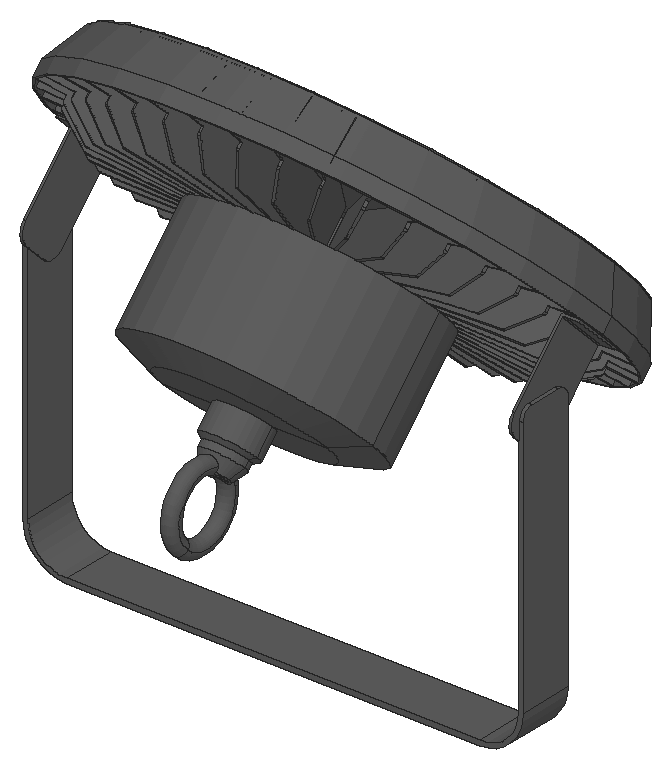
Revit family "0039364+0039355 Sylvania Lighting Fixture START HighBay IP65 DALI 26000lm 840 MB with BRACKET", category Lighting Fixtures, host Face, Revit 2017
Family settings
  Host = Face
  Round Connector Dimension = Use Diameter
  Part Type = Normal
  OmniClass Number = 23.80.70.00
  OmniClass Title = Lighting
  Cut with Voids When Loaded = No
  Light Source = No
  Shared = No
  Room Calculation Point = No
Parameters (values of type "0039364+0039355  START HighBay IP65 DALI 26000lm 840 MB with BRACKET")
  Weight = "3.7 kg"
  Wattage Comments = ""
  WarrantyStartDate [instance] = "n/a"
  WarrantyGuarantorParts = "n/a"
  WarrantyDurationUnit = "n/a"
  WarrantyDurationParts = "n/a"
  WarrantyDescription = "n/a"
  Voltage = 0 V
  URL = "http://www.sylvania-lighting.com"
  TypeName = "START HighBay IP65 DALI 26000lm 840 MB with BRACKET"
  TypeHead_FEILO = Start LED Highbay DALI Head : 0039364+0039355 START HighBay IP65 DALI 26000lm 840 MB with BRACKET
  Type Image = <None>
  Type Comments = "n/a"
  TiltAngle_FEILO [instance] = 45.00°
  ThicknessBracketPlate_FEILO = 3 mm
  SizeBracketS_FEILO = no
  SizeBracketM_FEILO = no
  SerialNumber [instance] = "n/a"
  RadiusBracketTop_FEILO = 7 mm
  RadiusBendOut_FEILO = if(SizeBracketS_FEILO, 18 mm, if(SizeBracketM_FEILO, 24 mm, 28 mm))  # 28 mm
  RadiusBendIn_FEILO = RadiusBendOut_FEILO - ThicknessBracketPlate_FEILO  # 25 mm
  Material_3_FEILO = none
  PowerFactor = 0.95
  PowerConsumption = "190 W"
  NominalLength = 339 mm
  NominalHeight = 189 mm
  NominalDepth = 339 mm
  Name = "START HighBay IP65 DALI 26000lm 840 MB with BRACKET"
  ModelReference = Name  # "START HighBay IP65 DALI 26000lm 840 MB with BRACKET"
  ModelNumber = "0039364+0039355"
  Model = Name  # "START HighBay IP65 DALI 26000lm 840 MB with BRACKET"
  Material = "aluminium alloy housing, polycarbonate diffuser"
  ManufacturerName = "Feilo Sylvania"
  Manufacturer = "Feilo Sylvania"
  LuminousEfficacy = "130 lm/W"
  LuminaireType = ""
  LightOutputRatio = "n/a"
  LampsType = Lamp  # "LED"
  LampNominalLuminous = "24700 lm"
  LampMacAdamStep = "6"
  LampColourTemperature = "4000 K"
  LampColourRenderingIndex = "80"
  Lamp = "LED"
  Keynote = "16500"
  InstallationDate [instance] = "n/a"
  InputVoltage = "n/a"
  InputNominalFrequency = "50/60 Hz"
  IngressProtection = "IP65"
  ImpactProtectionIndex = "IK08"
  IfcExportType = "IfcLightFixtureType"
  IfcExportAs = "IfcLightFixtureType"
  ExpectedLife = 50000
  EndAngle_FEILO [instance] = TiltAngle_FEILO + 180.00°  # 225.00°
  ElectricShockClassification = "Class I"
  DurationUnit = "hours"
  DocumentationLiterature = "http://www.sylvania-lighting.com/product/en-int/products/0039364"
  DimmingControlOptions = "Dimmable"
  Material_2_FEILO = none
  Description = "START Highbay, includes 1 m cables, black aluminium housing, 24,700 Lm, 190 W, 130 Lm/W, 4000 K, drive current: 4100 mA, CRI 80, 60° beam angle, DALI dimmable, IP65, IK08, 50,000 hrs (L80/B50), (D x H) 339 x 189 mm."
  Default Elevation = 1219.2 mm
  CreatedOn = "5/15/2018"
  CreatedBy = ""
  Cost = 0
  built-in parameter 1114216 [instance] = (empty or 0)
  ClassificationValue = "EF_70_80"
  ClassificationName = "Uniclass2015"
  Material_1_FEILO = Body-Sylvania-StartHighbay-Black
  BracketHeight_FEILO = if(SizeBracketS_FEILO, 199.5 mm, if(SizeBracketM_FEILO, 209.6 mm, 201.3 mm))  # 201.3 mm
  BracketDistanceInner_FEILO = if(SizeBracketS_FEILO, 249.4 mm, if(SizeBracketM_FEILO, 273.6 mm, 313.2 mm))  # 313.2 mm
  BarCode [instance] = "n/a"
  AssetType = "Fixed"
  AssetIdentifier [instance] = "n/a"
  Assembly Code = "D5020200"
  Apparent Load = 190 VA
  Material_4_FEILO = none
Reference planes
  plane 1 "Center (Front/Back)": y = 0
  plane 2: z = 0
  plane 3 "Center (Left/Right)": x = 0
  plane 4: x = -159.6
  plane 5: x = 159.6
  plane 6: z = 201.3
  plane 7: x = -156.6
  plane 8: z = 3
  plane 9: x = 156.6
  plane 10: y = 17.5
  plane 11: y = -17.5
  plane 12: y = -19.5
  plane 13: z = 203.3
  plane 14: y = 19.5
  plane 15: z = 192.3
Forms (mm)
  Extrusion 1, solid, material "Body-Sylvania-StartHighbay-Black" <- "Material_1_FEILO"
    sketch origin (0, 0, 0) x (1, 0, 0) y (0, 0, 1)
      loop
        line (-159.6, 201.3) -> (-159.6, 28)
        arc (-159.6, 28) -> (-151.399, 8.201) -> (-131.6, 0) r 28
        line (-131.6, 0) -> (131.6, 0)
        arc (131.6, 0) -> (151.399, 8.201) -> (159.6, 28) r 28
        line (159.6, 28) -> (159.6, 201.3) -> (156.6, 201.3) -> (156.6, 28)
        arc (156.6, 28) -> (149.278, 10.322) -> (131.6, 3) r 25
        line (131.6, 3) -> (-131.6, 3)
        arc (-131.6, 3) -> (-149.278, 10.322) -> (-156.6, 28) r 25
        line (-156.6, 28) -> (-156.6, 201.3) -> (-159.6, 201.3)
    from -17.5 to 17.5
  Extrusion 2, void
    sketch origin (0, 0, 0) x (0, 1, 0) y (0, 0, 1)
      loop
        arc (10.5, 201.3) -> (15.45, 199.25) -> (17.5, 194.3) r 7
        line (17.5, 194.3) -> (19.5, 194.3) -> (19.5, 203.3) -> (-19.5, 203.3) -> (-19.5, 194.3) -> (-17.5, 194.3)
        arc (-17.5, 194.3) -> (-15.45, 199.25) -> (-10.5, 201.3) r 7
        line (-10.5, 201.3) -> (10.5, 201.3)
    from -159.6 to 159.6
  Revolve 3, solid, not visible
    sketch origin (1223.4, -4572, 192.3) x (0, -1, 0) y (1, 0, 0)
      loop
        line (-4572, -1223.4) -> (-4591.5, -1223.4) -> (-4591.5, -1277.783) -> (-4572, -1277.783) -> (-4572, -1223.4)
      axis (-4572, -1223.4) -> (-4572, -1277.783)
    angle from 45 <- "TiltAngle_FEILO" to 225 <- "EndAngle_FEILO"
Cuts and joins
  Extrusion 2 cuts Extrusion 1
Dimensions and locks
  "BracketHeight_FEILO": plane 6 to plane 2
  equal spacing: plane 11, plane 1 "Center (Front/Back)", plane 10
  locked: plane 11 to plane 10 at 35
  equal spacing: plane 9, plane 3 "Center (Left/Right)", plane 7
  "BracketDistanceInner_FEILO": plane 9 to plane 7
  "ThicknessBracketPlate_FEILO": plane 7 to plane 4
  "ThicknessBracketPlate_FEILO": plane 8 to plane 2
  equal spacing: plane 5, plane 3 "Center (Left/Right)", plane 4
  equal spacing: plane 12, plane 1 "Center (Front/Back)", plane 14
  locked: plane 6 to plane 13 at 2
  locked: plane 12 to plane 11 at 2
  locked: plane 6 to plane 15 at 9
  "RadiusBendOut_FEILO": radius of Extrusion 1 sketch curve  (x2)
  "RadiusBendIn_FEILO": radius of Extrusion 1 sketch curve  (x2)
  "RadiusBracketTop_FEILO": radius of Extrusion 2 sketch curve  (x2)
  aligned and locked: plane 2 to host face
  aligned and locked: level to host face
  aligned and locked: Extrusion 1 sketch curve to plane 4
  aligned and locked: Extrusion 1 sketch curve to level
  aligned and locked: plane 6 to Extrusion 1 sketch curve
  aligned and locked: Extrusion 1 sketch curve to plane 6
  aligned and locked: Extrusion 1 sketch curve to plane 7
  aligned and locked: plane 9 to Extrusion 1 sketch curve
  aligned and locked: plane 8 to Extrusion 1 sketch curve
  aligned and locked: Extrusion 1 to plane 10
  aligned and locked: plane 11 to Extrusion 1
  aligned and locked: Extrusion 1 to Extrusion 2 sketch curve
  aligned and locked: plane 14 to Extrusion 2 sketch curve  (x2)
  aligned and locked: Extrusion 2 sketch curve to plane 12
  aligned and locked: plane 13 to Extrusion 2 sketch curve
  aligned and locked: plane 5 to Extrusion 2
  aligned and locked: Extrusion 2 to plane 4
  aligned and locked: Revolve 3 sketch curve to plane 1 "Center (Front/Back)"
  aligned and locked: Revolve 3 sketch curve to Revolve 3 sketch curve
  aligned and locked: plane 3 "Center (Left/Right)" to Revolve 3 sketch curve
  aligned and locked: Revolve 3 sketch curve to plane 14
  aligned and locked: nested 1 to plane 3 "Center (Left/Right)"
Automatic sketch dimensions
  host sketch curve to host sketch curve = 2438.4 mm  (x2)
  Revolve 3 sketch curve to Revolve 3 sketch curve = 54.383 mm
  Revolve 3 sketch curve to plane 4 = 1396.3 mm
  plane 5 to Revolve 3 sketch curve = 1396.3 mm
  Extrusion 1 sketch curve to Extrusion 1 sketch curve = 0 mm
  Extrusion 2 sketch curve to plane 11 = 0 mm
  Extrusion 2 sketch curve to plane 10 = 0 mm
Nested families
  nested 1: "Start LED Highbay DALI Head" at (0, 0, 192.3) x (-1, 0, 0) z (0, 0.7071, 0.7071), type <- "TypeHead_FEILO", type "0039364+0039355 START HighBay IP65 DALI 26000lm 840 MB with BRACKET"
    with built-in parameter 1114216 (empty or 0)
Connectors
  electrical at (0, 0, 0), driven by "Apparent Load", driven by "PowerFactor", driven by "Voltage"
    settings: index 1, voltage 0 V, apparent load 190 VA, apparent load phase1 0 VA, apparent load phase2 0 VA, apparent load phase3 0 VA, power factor 0.95, load classification "Lighting", number of poles 1, system type 30, power factor state 1, is connector primary yes, connector utility no, sub classification motor no, connector description ""
Definition of nested family "Start LED Highbay DALI Head"
  Parameters (values of type "0039367+0039355+0039361 START HighBay IP65 DALI 26000lm 840 WB with BRACKET and PC LAMPSHADE TRANSPARENT FOR 26KLM")
    X_FEILO = if(SizeS_FEILO, 60.3 mm, if(SizeM_FEILO, 70.4 mm, 83.5 mm))  # 83.5 mm
    WidthStraight_FEILO = if(SizeS_FEILO, 3 mm, if(SizeM_FEILO, 4 mm, 4.7 mm))  # 4.7 mm
    WidthRingChamfer_FEILO = if(SizeS_FEILO, 10.3 mm, if(SizeM_FEILO, 11.2 mm, 12.9 mm))  # 12.9 mm
    WidthCurved_FEILO = if(SizeS_FEILO, 17.4 mm, if(SizeM_FEILO, 16.4 mm, 26.2 mm))  # 26.2 mm
    WidthCurvedRing_FEILO = if(SizeS_FEILO, 3 mm, if(SizeM_FEILO, 4 mm, 4.7 mm))  # 4.7 mm
    WidthBracket_FEILO = 40 mm
    Wattage Comments = ""
    Wattage = 190 W
    built-in parameter 1150110 = 1 (stored number, unit not read)
    URL = "http://www.sylvania-lighting.com"
    Type Image = (empty or 0)
    Type Comments = "n/a"
    built-in parameter 1114217 = 1 (stored number, unit not read)
    Tilt Angle = -90.00°
    ThicknessWall_FEILO = 1.5 mm
    ThicknessBracket_FEILO = 1.5 mm
    ThicknessBracketHalf_FEILO = ThicknessBracket_FEILO / 2  # 0.75 mm
    built-in parameter 1150109 = 1 (stored number, unit not read)
    built-in parameter 1150134 = 1
    built-in parameter 1150113 = 1 (stored number, unit not read)
    SizeS_FEILO = no
    SizeM_FEILO = no
    ShadeThickness_FEILO = 3 mm
    ShadeSizeSM_FEILO = or(SizeS_FEILO, SizeM_FEILO)  # no
    ShadeRadiusOut_FEILO = 205 mm
    ShadeRadiusIn_FEILO = if(ShadeSizeSM_FEILO, 95 mm, 121 mm)  # 121 mm
    ShadeRadiusBend_FEILO = if(ShadeSizeSM_FEILO, 210 mm, 210 mm)  # 210 mm
    ShadeOn_FEILO = yes
    ShadeHeight_FEILO = if(ShadeSizeSM_FEILO, 120 mm, 151 mm)  # 151 mm
    Rib4_FEILO = if(SizeS_FEILO, 18.1 mm, if(SizeM_FEILO, 13.6 mm, 14.6 mm))  # 14.6 mm
    Rib3_FEILO = if(SizeS_FEILO, 15.3 mm, if(SizeM_FEILO, 17.6 mm, 20.2 mm))  # 20.2 mm
    Rib2_FEILO = if(SizeS_FEILO, 3.6 mm, if(SizeM_FEILO, 3.9 mm, 4.5 mm))  # 4.5 mm
    Rib1_FEILO = if(SizeS_FEILO, 15.1 mm, if(SizeM_FEILO, 16.5 mm, 19 mm))  # 19 mm
    RadiusDiffuser_FEILO = if(SizeS_FEILO, 95.2 mm, if(SizeM_FEILO, 105.3 mm, 120 mm))  # 120 mm
    RadiusArrayPost_FEILO = DriverRadius_FEILO - 6 mm  # 70.4 mm
    RHRadius3_FEILO = if(SizeS_FEILO, 6.6 mm, if(SizeM_FEILO, 7.4 mm, 8.6 mm))  # 8.6 mm
    RHRadius2_FEILO = if(SizeS_FEILO, 11 mm, if(SizeM_FEILO, 12 mm, 14 mm))  # 14 mm
    RHRadius1_FEILO = if(SizeS_FEILO, 13.6 mm, if(SizeM_FEILO, 14.9 mm, 17.7 mm))  # 17.7 mm
    RHHeight4_FEILO = if(SizeS_FEILO, 7.3 mm, if(SizeM_FEILO, 8 mm, 9.2 mm))  # 9.2 mm
    RHHeight3_FEILO = if(SizeS_FEILO, 3.6 mm, if(SizeM_FEILO, 3.7 mm, 4.6 mm))  # 4.6 mm
    RHHeight2_FEILO = if(SizeS_FEILO, 2 mm, if(SizeM_FEILO, 2.2 mm, 2.6 mm))  # 2.6 mm
    RHHeight1_FEILO = if(SizeS_FEILO, 11.8 mm, if(SizeM_FEILO, 15.3 mm, 17.4 mm))  # 17.4 mm
    Photometric Web File = "0039367+0039361.ies"
    Material_5_FEILO = none
    Material_3_FEILO = none
    Model = "START HighBay IP65 DALI 26000lm 840 WB with BRACKET and PC LAMPSHADE TRANSPARENT FOR 26KLM"
    Manufacturer = "Feilo Sylvania"
    built-in parameter 1150105 = 33385.3 (stored number, unit not read)
    Lumens = 24700 lm
    built-in parameter 1150115 = 1 (stored number, unit not read)
    built-in parameter 1150137 = (empty or 0)
    built-in parameter 1150139 = (empty or 0)
    built-in parameter 1150112 = 1 (stored number, unit not read)
    built-in parameter 1150114 = 1 (stored number, unit not read)
    Lamp = "LED"
    Keynote = "16500"
    built-in parameter 1150132 = (empty or 0)
    built-in parameter 1150102 = (empty or 0)
    built-in parameter 1150107 = 6500 (stored number, unit not read)
    built-in parameter 1150138 = (empty or 0)
    built-in parameter 1150106 = 333.85 (stored number, unit not read)
    HeightRing_FEILO = if(SizeS_FEILO, 19.8 mm, if(SizeM_FEILO, 32 mm, 36.8 mm))  # 36.8 mm
    HeightRingChamfer_FEILO = if(SizeS_FEILO, 11.7 mm, if(SizeM_FEILO, 23.2 mm, 26.6 mm))  # 26.6 mm
    EyeThickness_FEILO = if(SizeS_FEILO, 8.4 mm, if(SizeM_FEILO, 9.2 mm, 10.5 mm))  # 10.5 mm
    EyeThicknessHalf_FEILO = EyeThickness_FEILO / 2  # 5.25 mm
    EyeInner_FEILO = if(SizeS_FEILO, 13.8 mm, if(SizeM_FEILO, 15.1 mm, 17.3 mm))  # 17.3 mm
    Emit from Circle Diameter = RadiusDiffuser_FEILO * 2  # 240 mm
    Emit Shape Visible in Rendering = no
    built-in parameter 1150104 = 12.077 (stored number, unit not read)
    DriverVerticalStraight_FEILO = if(SizeS_FEILO, 46.5 mm, if(SizeM_FEILO, 49.7 mm, 57 mm))  # 57 mm
    DriverVerticalChamfer_FEILO = if(SizeS_FEILO, 7.5 mm, if(SizeM_FEILO, 8.2 mm, 9.5 mm))  # 9.5 mm
    DriverRadius_FEILO = if(SizeS_FEILO, 61.4 mm, if(SizeM_FEILO, 67.2 mm, 76.4 mm))  # 76.4 mm
    DriverRadiusTop_FEILO = if(SizeS_FEILO, 42 mm, if(SizeM_FEILO, 45.3 mm, 52.4 mm))  # 52.4 mm
    DriverBottom_FEILO = if(SizeS_FEILO, 56 mm, if(SizeM_FEILO, 64.5 mm, 74 mm))  # 74 mm
    Material_2_FEILO = none
    Radius_FEILO = if(SizeS_FEILO, 135 mm, if(SizeM_FEILO, 148 mm, 169.5 mm))  # 169.5 mm
    Dimming Lamp Color Temperature Shift = (empty or 0)
    DiameterWire_FEILO = 3 mm
    DiameterWireSupport_FEILO = 10 mm
    Description = "START Highbay, includes 1 m cables, black aluminium housing, 24,700 Lm, 190 W, 130 Lm/W, 6500 K, drive current: 4100 mA, CRI 80, 90° beam angle, DALI dimmable, IP65, IK08, 50,000 hrs (L80/B50), (D x H) 339 x 189 mm."
    Default Elevation = 1219.2 mm
    Cost = 0
    Color Filter = 16777215
    built-in parameter 1114216 [instance] = (empty or 0)
    Material_1_FEILO = none
    built-in parameter 1114218 = 1 (stored number, unit not read)
    built-in parameter 1150133 = 10 (stored number, unit not read)
    Assembly Code = "D5020200"
    Apparent Load = 190 VA
    Material_4_FEILO = none
  Types (24, lengths in mm): name | X_FEILO | WidthStraight_FEILO | WidthRingChamfer_FEILO | WidthCurved_FEILO | WidthCurvedRing_FEILO | Wattage | built-in parameter 1150134 | SizeS_FEILO | SizeM_FEILO | ShadeSizeSM_FEILO | ShadeRadiusIn_FEILO | ShadeOn_FEILO | ShadeHeight_FEILO | Rib4_FEILO | Rib3_FEILO | Rib2_FEILO | Rib1_FEILO | RadiusDiffuser_FEILO | RadiusArrayPost_FEILO | RHRadius3_FEILO | RHRadius2_FEILO | RHRadius1_FEILO | RHHeight4_FEILO | RHHeight3_FEILO | RHHeight2_FEILO | RHHeight1_FEILO | Photometric Web File | Model | built-in parameter 1150105 | Lumens | built-in parameter 1150107 | built-in parameter 1150106 | HeightRing_FEILO | HeightRingChamfer_FEILO | EyeThickness_FEILO | EyeThicknessHalf_FEILO | EyeInner_FEILO | Emit from Circle Diameter | DriverVerticalStraight_FEILO | DriverVerticalChamfer_FEILO | DriverRadius_FEILO | DriverRadiusTop_FEILO | DriverBottom_FEILO | Radius_FEILO | Description | Apparent Load
    0039367+0039355+0039361 START HighBay IP65 DALI 26000lm 840 WB with BRACKET and PC LAMPSHADE TRANSPARENT FOR 26KLM | 83.5 | 4.7 | 12.9 | 26.2 | 4.7 | 190 W | 1 | no | no | no | 121 | yes | 151 | 14.6 | 20.2 | 4.5 | 19 | 120 | 70.4 | 8.6 | 14 | 17.7 | 9.2 | 4.6 | 2.6 | 17.4 | "0039367+0039361.ies" | "START HighBay IP65 DALI 26000lm 840 WB with BRACKET and PC LAMPSHADE TRANSPARENT FOR 26KLM" | 33385.3 (stored number, unit not read) | 24700 lm | 6500 (stored number, unit not read) | 333.85 (stored number, unit not read) | 36.8 | 26.6 | 10.5 | 5.25 | 17.3 | 240 | 57 | 9.5 | 76.4 | 52.4 | 74 | 169.5 | "START Highbay, includes 1 m cables, black aluminium housing, 24,700 Lm, 190 W, 130 Lm/W, 6500 K, drive current: 4100 mA, CRI 80, 90° beam angle, DALI dimmable, IP65, IK08, 50,000 hrs (L80/B50), (D x H) 339 x 189 mm." | 190 VA
    0039367+0039355+0039360 START HighBay IP65 DALI 26000lm 840 WB with BRACKET and ALU SHADE BLACK COLOR FOR 26KLM | 83.5 | 4.7 | 12.9 | 26.2 | 4.7 | 190 W | 1 | no | no | no | 121 | yes | 151 | 14.6 | 20.2 | 4.5 | 19 | 120 | 70.4 | 8.6 | 14 | 17.7 | 9.2 | 4.6 | 2.6 | 17.4 | "0039367+0039360.ies" | "START HighBay IP65 DALI 26000lm 840 WB with BRACKET and ALU SHADE BLACK COLOR FOR 26KLM" | 33569.2 (stored number, unit not read) | 24700 lm | 6500 (stored number, unit not read) | 335.69 (stored number, unit not read) | 36.8 | 26.6 | 10.5 | 5.25 | 17.3 | 240 | 57 | 9.5 | 76.4 | 52.4 | 74 | 169.5 | "START Highbay, includes 1 m cables, black aluminium housing, 24,700 Lm, 190 W, 130 Lm/W, 6500 K, drive current: 4100 mA, CRI 80, 90° beam angle, DALI dimmable, IP65, IK08, 50,000 hrs (L80/B50), (D x H) 339 x 189 mm." | 190 VA
    0039367+0039355+0039359 START HighBay IP65 DALI 26000lm 840 WB with BRACKET and ALU SHADE ALU COLOR FOR 26KLM | 83.5 | 4.7 | 12.9 | 26.2 | 4.7 | 190 W | 1 | no | no | no | 121 | yes | 151 | 14.6 | 20.2 | 4.5 | 19 | 120 | 70.4 | 8.6 | 14 | 17.7 | 9.2 | 4.6 | 2.6 | 17.4 | "0039367+0039359.ies" | "START HighBay IP65 DALI 26000lm 840 WB with BRACKET and ALU SHADE ALU COLOR FOR 26KLM" | 33569.2 (stored number, unit not read) | 24700 lm | 6500 (stored number, unit not read) | 335.69 (stored number, unit not read) | 36.8 | 26.6 | 10.5 | 5.25 | 17.3 | 240 | 57 | 9.5 | 76.4 | 52.4 | 74 | 169.5 | "START Highbay, includes 1 m cables, black aluminium housing, 24,700 Lm, 190 W, 130 Lm/W, 6500 K, drive current: 4100 mA, CRI 80, 90° beam angle, DALI dimmable, IP65, IK08, 50,000 hrs (L80/B50), (D x H) 339 x 189 mm." | 190 VA
    0039367+0039355 START HighBay IP65 DALI 26000lm 840 WB with BRACKET | 83.5 | 4.7 | 12.9 | 26.2 | 4.7 | 190 W | 1 | no | no | no | 121 | no | 151 | 14.6 | 20.2 | 4.5 | 19 | 120 | 70.4 | 8.6 | 14 | 17.7 | 9.2 | 4.6 | 2.6 | 17.4 | "0039367.ies" | "START HighBay IP65 DALI 26000lm 840 WB with BRACKET" | 13532 (stored number, unit not read) | 24700 lm | 6500 (stored number, unit not read) | 135.32 (stored number, unit not read) | 36.8 | 26.6 | 10.5 | 5.25 | 17.3 | 240 | 57 | 9.5 | 76.4 | 52.4 | 74 | 169.5 | "START Highbay, includes 1 m cables, black aluminium housing, 24,700 Lm, 190 W, 130 Lm/W, 6500 K, drive current: 4100 mA, CRI 80, 90° beam angle, DALI dimmable, IP65, IK08, 50,000 hrs (L80/B50), (D x H) 339 x 189 mm." | 190 VA
    0039366+0039354+0039358 START HighBay IP65 DALI 19000lm 840 WB with BRACKET and PC LAMPSHADE TRANSPARENT 13/19KLM | 70.4 | 4 | 11.2 | 16.4 | 4 | 150 W | 1 | no | yes | yes | 95 | yes | 120 | 13.6 | 17.6 | 3.9 | 16.5 | 105.3 | 61.2 | 7.4 | 12 | 14.9 | 8 | 3.7 | 2.2 | 15.3 | "0039366+0039358.ies" | "START HighBay IP65 DALI 19000lm 840 WB with BRACKET and PC LAMPSHADE TRANSPARENT 13/19KLM" | 26356.9 (stored number, unit not read) | 19500 lm | 6500 (stored number, unit not read) | 263.57 (stored number, unit not read) | 32 | 23.2 | 9.2 | 4.6 | 15.1 | 210.6 | 49.7 | 8.2 | 67.2 | 45.3 | 64.5 | 148 | "START Highbay, includes 1 m cables, black aluminium housing, 19,500 Lm, 150 W, 130 Lm/W, 6500 K, drive current: 3300 mA, CRI 80, 90° beam angle, DALI dimmable, IP65, IK08, 50,000 hrs (L80/B50), (D x H) 296 x 172 mm." | 150 VA
    0039366+0039354+0039357 START HighBay IP65 DALI 19000lm 840 WB with BRACKET and ALU SHADE BLACK COLOR FOR 13/19KLM | 70.4 | 4 | 11.2 | 16.4 | 4 | 150 W | 1 | no | yes | yes | 95 | yes | 120 | 13.6 | 17.6 | 3.9 | 16.5 | 105.3 | 61.2 | 7.4 | 12 | 14.9 | 8 | 3.7 | 2.2 | 15.3 | "0039366+0039357.ies" | "START HighBay IP65 DALI 19000lm 840 WB with BRACKET and ALU SHADE BLACK COLOR FOR 13/19KLM" | 26502 (stored number, unit not read) | 19500 lm | 6500 (stored number, unit not read) | 265.02 (stored number, unit not read) | 32 | 23.2 | 9.2 | 4.6 | 15.1 | 210.6 | 49.7 | 8.2 | 67.2 | 45.3 | 64.5 | 148 | "START Highbay, includes 1 m cables, black aluminium housing, 19,500 Lm, 150 W, 130 Lm/W, 6500 K, drive current: 3300 mA, CRI 80, 90° beam angle, DALI dimmable, IP65, IK08, 50,000 hrs (L80/B50), (D x H) 296 x 172 mm." | 150 VA
    0039366+0039354+0039356 START HighBay IP65 DALI 19000lm 840 WB with BRACKET and ALU SHADE ALU COLOR FOR 13/19KLM | 70.4 | 4 | 11.2 | 16.4 | 4 | 150 W | 1 | no | yes | yes | 95 | yes | 120 | 13.6 | 17.6 | 3.9 | 16.5 | 105.3 | 61.2 | 7.4 | 12 | 14.9 | 8 | 3.7 | 2.2 | 15.3 | "0039366+0039356.ies" | "START HighBay IP65 DALI 19000lm 840 WB with BRACKET and ALU SHADE ALU COLOR FOR 13/19KLM" | 26502 (stored number, unit not read) | 19500 lm | 6500 (stored number, unit not read) | 265.02 (stored number, unit not read) | 32 | 23.2 | 9.2 | 4.6 | 15.1 | 210.6 | 49.7 | 8.2 | 67.2 | 45.3 | 64.5 | 148 | "START Highbay, includes 1 m cables, black aluminium housing, 19,500 Lm, 150 W, 130 Lm/W, 6500 K, drive current: 3300 mA, CRI 80, 90° beam angle, DALI dimmable, IP65, IK08, 50,000 hrs (L80/B50), (D x H) 296 x 172 mm." | 150 VA
    0039366+0039354 START HighBay IP65 DALI 19000lm 840 WB with BRACKET | 70.4 | 4 | 11.2 | 16.4 | 4 | 150 W | 1 | no | yes | yes | 95 | no | 120 | 13.6 | 17.6 | 3.9 | 16.5 | 105.3 | 61.2 | 7.4 | 12 | 14.9 | 8 | 3.7 | 2.2 | 15.3 | "0039366.ies" | "START HighBay IP65 DALI 19000lm 840 WB with BRACKET" | 10981.5 (stored number, unit not read) | 19500 lm | 6500 (stored number, unit not read) | 109.82 (stored number, unit not read) | 32 | 23.2 | 9.2 | 4.6 | 15.1 | 210.6 | 49.7 | 8.2 | 67.2 | 45.3 | 64.5 | 148 | "START Highbay, includes 1 m cables, black aluminium housing, 19,500 Lm, 150 W, 130 Lm/W, 6500 K, drive current: 3300 mA, CRI 80, 90° beam angle, DALI dimmable, IP65, IK08, 50,000 hrs (L80/B50), (D x H) 296 x 172 mm." | 150 VA
    0039365+0039353+0039358 START HighBay IP65 DALI 13000lm 840 WB with BRACKET and PC LAMPSHADE TRANSPARENT 13/19KLM | 60.3 | 3 | 10.3 | 17.4 | 3 | 90 W | 1 | yes | no | yes | 95 | yes | 120 | 18.1 | 15.3 | 3.6 | 15.1 | 95.2 | 55.4 | 6.6 | 11 | 13.6 | 7.3 | 3.6 | 2 | 11.8 | "0039365+0039358.ies" | "START HighBay IP65 DALI 13000lm 840 WB with BRACKET and PC LAMPSHADE TRANSPARENT 13/19KLM" | 15814.1 (stored number, unit not read) | 11700 lm | 6500 (stored number, unit not read) | 158.14 (stored number, unit not read) | 19.8 | 11.7 | 8.4 | 4.2 | 13.8 | 190.4 | 46.5 | 7.5 | 61.4 | 42 | 56 | 135 | "START Highbay, includes 1 m cables, black aluminium housing, 11,700 Lm, 90 W, 130 Lm/W, 6500 K, drive current: 2000 mA, CRI 80, 90° beam angle, DALI dimmable, IP65, IK08, 50,000 hrs (L80/B50), (D x H) 270 x 175 mm." | 90 VA
    0039365+0039353+0039357 START HighBay IP65 DALI 13000lm 840 WB with BRACKET and ALU SHADE BLACK COLOR FOR 13/19KLM | 60.3 | 3 | 10.3 | 17.4 | 3 | 90 W | 1 | yes | no | yes | 95 | yes | 120 | 18.1 | 15.3 | 3.6 | 15.1 | 95.2 | 55.4 | 6.6 | 11 | 13.6 | 7.3 | 3.6 | 2 | 11.8 | "0039365+0039357.ies" | "START HighBay IP65 DALI 13000lm 840 WB with BRACKET and ALU SHADE BLACK COLOR FOR 13/19KLM" | 15901.2 (stored number, unit not read) | 11700 lm | 6500 (stored number, unit not read) | 159.01 (stored number, unit not read) | 19.8 | 11.7 | 8.4 | 4.2 | 13.8 | 190.4 | 46.5 | 7.5 | 61.4 | 42 | 56 | 135 | "START Highbay, includes 1 m cables, black aluminium housing, 11,700 Lm, 90 W, 130 Lm/W, 6500 K, drive current: 2000 mA, CRI 80, 90° beam angle, DALI dimmable, IP65, IK08, 50,000 hrs (L80/B50), (D x H) 270 x 175 mm." | 90 VA
    0039365+0039353+0039356 START HighBay IP65 DALI 13000lm 840 WB with BRACKET and ALU SHADE ALU COLOR FOR 13/19KLM | 60.3 | 3 | 10.3 | 17.4 | 3 | 90 W | 1 | yes | no | yes | 95 | yes | 120 | 18.1 | 15.3 | 3.6 | 15.1 | 95.2 | 55.4 | 6.6 | 11 | 13.6 | 7.3 | 3.6 | 2 | 11.8 | "0039365+0039356.ies" | "START HighBay IP65 DALI 13000lm 840 WB with BRACKET and ALU SHADE ALU COLOR FOR 13/19KLM" | 15901.2 (stored number, unit not read) | 11700 lm | 6500 (stored number, unit not read) | 159.01 (stored number, unit not read) | 19.8 | 11.7 | 8.4 | 4.2 | 13.8 | 190.4 | 46.5 | 7.5 | 61.4 | 42 | 56 | 135 | "START Highbay, includes 1 m cables, black aluminium housing, 11,700 Lm, 90 W, 130 Lm/W, 6500 K, drive current: 2000 mA, CRI 80, 90° beam angle, DALI dimmable, IP65, IK08, 50,000 hrs (L80/B50), (D x H) 270 x 175 mm." | 90 VA
    0039365+0039353 START HighBay IP65 DALI 13000lm 840 WB with BRACKET | 60.3 | 3 | 10.3 | 17.4 | 3 | 90 W | 1 | yes | no | yes | 95 | no | 120 | 18.1 | 15.3 | 3.6 | 15.1 | 95.2 | 55.4 | 6.6 | 11 | 13.6 | 7.3 | 3.6 | 2 | 11.8 | "0039365.ies" | "START HighBay IP65 DALI 13000lm 840 WB with BRACKET" | 6365.5 (stored number, unit not read) | 11700 lm | 6500 (stored number, unit not read) | 63.655 (stored number, unit not read) | 19.8 | 11.7 | 8.4 | 4.2 | 13.8 | 190.4 | 46.5 | 7.5 | 61.4 | 42 | 56 | 135 | "START Highbay, includes 1 m cables, black aluminium housing, 11,700 Lm, 90 W, 130 Lm/W, 6500 K, drive current: 2000 mA, CRI 80, 90° beam angle, DALI dimmable, IP65, IK08, 50,000 hrs (L80/B50), (D x H) 270 x 175 mm." | 90 VA
    0039364+0039355+0039361 START HighBay IP65 DALI 26000lm 840 MB with BRACKET and PC LAMPSHADE TRANSPARENT FOR 26KLM | 83.5 | 4.7 | 12.9 | 26.2 | 4.7 | 190 W | 12 | no | no | no | 121 | yes | 151 | 14.6 | 20.2 | 4.5 | 19 | 120 | 70.4 | 8.6 | 14 | 17.7 | 9.2 | 4.6 | 2.6 | 17.4 | "0039364+0039361.ies" | "START HighBay IP65 DALI 26000lm 840 MB with BRACKET and PC LAMPSHADE TRANSPARENT FOR 26KLM" | 33385.3 (stored number, unit not read) | 24700 lm | 4000 (stored number, unit not read) | 333.85 (stored number, unit not read) | 36.8 | 26.6 | 10.5 | 5.25 | 17.3 | 240 | 57 | 9.5 | 76.4 | 52.4 | 74 | 169.5 | "START Highbay, includes 1 m cables, black aluminium housing, 24,700 Lm, 190 W, 130 Lm/W, 4000 K, drive current: 4100 mA, CRI 80, 60° beam angle, DALI dimmable, IP65, IK08, 50,000 hrs (L80/B50), (D x H) 339 x 189 mm." | 190 VA
    0039364+0039355+0039360 START HighBay IP65 DALI 26000lm 840 MB with BRACKET and ALU SHADE BLACK COLOR FOR 26KLM | 83.5 | 4.7 | 12.9 | 26.2 | 4.7 | 190 W | 12 | no | no | no | 121 | yes | 151 | 14.6 | 20.2 | 4.5 | 19 | 120 | 70.4 | 8.6 | 14 | 17.7 | 9.2 | 4.6 | 2.6 | 17.4 | "0039364+0039360.ies" | "START HighBay IP65 DALI 26000lm 840 MB with BRACKET and ALU SHADE BLACK COLOR FOR 26KLM" | 33569.2 (stored number, unit not read) | 24700 lm | 4000 (stored number, unit not read) | 335.69 (stored number, unit not read) | 36.8 | 26.6 | 10.5 | 5.25 | 17.3 | 240 | 57 | 9.5 | 76.4 | 52.4 | 74 | 169.5 | "START Highbay, includes 1 m cables, black aluminium housing, 24,700 Lm, 190 W, 130 Lm/W, 4000 K, drive current: 4100 mA, CRI 80, 60° beam angle, DALI dimmable, IP65, IK08, 50,000 hrs (L80/B50), (D x H) 339 x 189 mm." | 190 VA
    0039364+0039355+0039359 START HighBay IP65 DALI 26000lm 840 MB with BRACKET and ALU SHADE ALU COLOR FOR 26KLM | 83.5 | 4.7 | 12.9 | 26.2 | 4.7 | 190 W | 12 | no | no | no | 121 | yes | 151 | 14.6 | 20.2 | 4.5 | 19 | 120 | 70.4 | 8.6 | 14 | 17.7 | 9.2 | 4.6 | 2.6 | 17.4 | "0039364+0039359.ies" | "START HighBay IP65 DALI 26000lm 840 MB with BRACKET and ALU SHADE ALU COLOR FOR 26KLM" | 33569.2 (stored number, unit not read) | 24700 lm | 4000 (stored number, unit not read) | 335.69 (stored number, unit not read) | 36.8 | 26.6 | 10.5 | 5.25 | 17.3 | 240 | 57 | 9.5 | 76.4 | 52.4 | 74 | 169.5 | "START Highbay, includes 1 m cables, black aluminium housing, 24,700 Lm, 190 W, 130 Lm/W, 4000 K, drive current: 4100 mA, CRI 80, 60° beam angle, DALI dimmable, IP65, IK08, 50,000 hrs (L80/B50), (D x H) 339 x 189 mm." | 190 VA
    0039364+0039355 START HighBay IP65 DALI 26000lm 840 MB with BRACKET | 83.5 | 4.7 | 12.9 | 26.2 | 4.7 | 190 W | 12 | no | no | no | 121 | no | 151 | 14.6 | 20.2 | 4.5 | 19 | 120 | 70.4 | 8.6 | 14 | 17.7 | 9.2 | 4.6 | 2.6 | 17.4 | "0039364.ies" | "START HighBay IP65 DALI 26000lm 840 MB with BRACKET" | 26901.8 (stored number, unit not read) | 24700 lm | 4000 (stored number, unit not read) | 269.02 (stored number, unit not read) | 36.8 | 26.6 | 10.5 | 5.25 | 17.3 | 240 | 57 | 9.5 | 76.4 | 52.4 | 74 | 169.5 | "START Highbay, includes 1 m cables, black aluminium housing, 24,700 Lm, 190 W, 130 Lm/W, 4000 K, drive current: 4100 mA, CRI 80, 60° beam angle, DALI dimmable, IP65, IK08, 50,000 hrs (L80/B50), (D x H) 339 x 189 mm." | 190 VA
    0039363+0039354+0039358 START HighBay IP65 DALI 19000lm 840 MB with BRACKET and PC LAMPSHADE TRANSPARENT 13/19KLM | 70.4 | 4 | 11.2 | 16.4 | 4 | 150 W | 12 | no | yes | yes | 95 | yes | 120 | 13.6 | 17.6 | 3.9 | 16.5 | 105.3 | 61.2 | 7.4 | 12 | 14.9 | 8 | 3.7 | 2.2 | 15.3 | "0039363+0039358.ies" | "START HighBay IP65 DALI 19000lm 840 MB with BRACKET and PC LAMPSHADE TRANSPARENT 13/19KLM" | 26356.9 (stored number, unit not read) | 19500 lm | 4000 (stored number, unit not read) | 263.57 (stored number, unit not read) | 32 | 23.2 | 9.2 | 4.6 | 15.1 | 210.6 | 49.7 | 8.2 | 67.2 | 45.3 | 64.5 | 148 | "START Highbay, includes 1 m cables, black aluminium housing, 19,500 Lm, 150 W, 130 Lm/W, 4000 K, drive current: 3300 mA, CRI 80, 60° beam angle, DALI dimmable, IP65, IK08, 50,000 hrs (L80/B50), (D x H) 296 x 172 mm." | 150 VA
    0039363+0039354+0039357 START HighBay IP65 DALI 19000lm 840 MB with BRACKET and ALU SHADE BLACK COLOR FOR 13/19KLM | 70.4 | 4 | 11.2 | 16.4 | 4 | 150 W | 12 | no | yes | yes | 95 | yes | 120 | 13.6 | 17.6 | 3.9 | 16.5 | 105.3 | 61.2 | 7.4 | 12 | 14.9 | 8 | 3.7 | 2.2 | 15.3 | "0039363+0039357.ies" | "START HighBay IP65 DALI 19000lm 840 MB with BRACKET and ALU SHADE BLACK COLOR FOR 13/19KLM" | 26502 (stored number, unit not read) | 19500 lm | 4000 (stored number, unit not read) | 265.02 (stored number, unit not read) | 32 | 23.2 | 9.2 | 4.6 | 15.1 | 210.6 | 49.7 | 8.2 | 67.2 | 45.3 | 64.5 | 148 | "START Highbay, includes 1 m cables, black aluminium housing, 19,500 Lm, 150 W, 130 Lm/W, 4000 K, drive current: 3300 mA, CRI 80, 60° beam angle, DALI dimmable, IP65, IK08, 50,000 hrs (L80/B50), (D x H) 296 x 172 mm." | 150 VA
    0039363+0039354+0039356 START HighBay IP65 DALI 19000lm 840 MB with BRACKET and ALU SHADE ALU COLOR FOR 13/19KLM | 70.4 | 4 | 11.2 | 16.4 | 4 | 150 W | 12 | no | yes | yes | 95 | yes | 120 | 13.6 | 17.6 | 3.9 | 16.5 | 105.3 | 61.2 | 7.4 | 12 | 14.9 | 8 | 3.7 | 2.2 | 15.3 | "0039363+0039356.ies" | "START HighBay IP65 DALI 19000lm 840 MB with BRACKET and ALU SHADE ALU COLOR FOR 13/19KLM" | 26502 (stored number, unit not read) | 19500 lm | 4000 (stored number, unit not read) | 265.02 (stored number, unit not read) | 32 | 23.2 | 9.2 | 4.6 | 15.1 | 210.6 | 49.7 | 8.2 | 67.2 | 45.3 | 64.5 | 148 | "START Highbay, includes 1 m cables, black aluminium housing, 19,500 Lm, 150 W, 130 Lm/W, 4000 K, drive current: 3300 mA, CRI 80, 60° beam angle, DALI dimmable, IP65, IK08, 50,000 hrs (L80/B50), (D x H) 296 x 172 mm." | 150 VA
    0039363+0039354 START HighBay IP65 DALI 19000lm 840 MB with BRACKET | 70.4 | 4 | 11.2 | 16.4 | 4 | 150 W | 12 | no | yes | yes | 95 | no | 120 | 13.6 | 17.6 | 3.9 | 16.5 | 105.3 | 61.2 | 7.4 | 12 | 14.9 | 8 | 3.7 | 2.2 | 15.3 | "0039363.ies" | "START HighBay IP65 DALI 19000lm 840 MB with BRACKET" | 22125.4 (stored number, unit not read) | 19500 lm | 4000 (stored number, unit not read) | 221.25 (stored number, unit not read) | 32 | 23.2 | 9.2 | 4.6 | 15.1 | 210.6 | 49.7 | 8.2 | 67.2 | 45.3 | 64.5 | 148 | "START Highbay, includes 1 m cables, black aluminium housing, 19,500 Lm, 150 W, 130 Lm/W, 4000 K, drive current: 3300 mA, CRI 80, 60° beam angle, DALI dimmable, IP65, IK08, 50,000 hrs (L80/B50), (D x H) 296 x 172 mm." | 150 VA
    0039362+0039353+0039358 START HighBay IP65 DALI 13000lm 840 MB with BRACKET and PC LAMPSHADE TRANSPARENT 13/19KLM | 60.3 | 3 | 10.3 | 17.4 | 3 | 90 W | 12 | yes | no | yes | 95 | yes | 120 | 18.1 | 15.3 | 3.6 | 15.1 | 95.2 | 55.4 | 6.6 | 11 | 13.6 | 7.3 | 3.6 | 2 | 11.8 | "0039362+0039358.ies" | "START HighBay IP65 DALI 13000lm 840 MB with BRACKET and PC LAMPSHADE TRANSPARENT 13/19KLM" | 15814.1 (stored number, unit not read) | 11700 lm | 4000 (stored number, unit not read) | 158.14 (stored number, unit not read) | 19.8 | 11.7 | 8.4 | 4.2 | 13.8 | 190.4 | 46.5 | 7.5 | 61.4 | 42 | 56 | 135 | "START Highbay, includes 1 m cables, black aluminium housing, 11,700 Lm, 90 W, 130 Lm/W, 4000 K, drive current: 2000 mA, CRI 80, 60° beam angle, DALI dimmable, IP65, IK08, 50,000 hrs (L80/B50), (D x H) 270 x 175 mm." | 90 VA
    0039362+0039353+0039357 START HighBay IP65 DALI 13000lm 840 MB with BRACKET and ALU SHADE BLACK COLOR FOR 13/19KLM | 60.3 | 3 | 10.3 | 17.4 | 3 | 90 W | 12 | yes | no | yes | 95 | yes | 120 | 18.1 | 15.3 | 3.6 | 15.1 | 95.2 | 55.4 | 6.6 | 11 | 13.6 | 7.3 | 3.6 | 2 | 11.8 | "0039362+0039357.ies" | "START HighBay IP65 DALI 13000lm 840 MB with BRACKET and ALU SHADE BLACK COLOR FOR 13/19KLM" | 15901.2 (stored number, unit not read) | 11700 lm | 4000 (stored number, unit not read) | 159.01 (stored number, unit not read) | 19.8 | 11.7 | 8.4 | 4.2 | 13.8 | 190.4 | 46.5 | 7.5 | 61.4 | 42 | 56 | 135 | "START Highbay, includes 1 m cables, black aluminium housing, 11,700 Lm, 90 W, 130 Lm/W, 4000 K, drive current: 2000 mA, CRI 80, 60° beam angle, DALI dimmable, IP65, IK08, 50,000 hrs (L80/B50), (D x H) 270 x 175 mm." | 90 VA
    0039362+0039353+0039356 START HighBay IP65 DALI 13000lm 840 MB with BRACKET and ALU SHADE ALU COLOR FOR 13/19KLM | 60.3 | 3 | 10.3 | 17.4 | 3 | 90 W | 12 | yes | no | yes | 95 | yes | 120 | 18.1 | 15.3 | 3.6 | 15.1 | 95.2 | 55.4 | 6.6 | 11 | 13.6 | 7.3 | 3.6 | 2 | 11.8 | "0039362+0039356.ies" | "START HighBay IP65 DALI 13000lm 840 MB with BRACKET and ALU SHADE ALU COLOR FOR 13/19KLM" | 15901.2 (stored number, unit not read) | 11700 lm | 4000 (stored number, unit not read) | 159.01 (stored number, unit not read) | 19.8 | 11.7 | 8.4 | 4.2 | 13.8 | 190.4 | 46.5 | 7.5 | 61.4 | 42 | 56 | 135 | "START Highbay, includes 1 m cables, black aluminium housing, 11,700 Lm, 90 W, 130 Lm/W, 4000 K, drive current: 2000 mA, CRI 80, 60° beam angle, DALI dimmable, IP65, IK08, 50,000 hrs (L80/B50), (D x H) 270 x 175 mm." | 90 VA
    0039362+0039353 START HighBay IP65 DALI 13000lm 840 MB with BRACKET | 60.3 | 3 | 10.3 | 17.4 | 3 | 90 W | 12 | yes | no | yes | 95 | no | 120 | 18.1 | 15.3 | 3.6 | 15.1 | 95.2 | 55.4 | 6.6 | 11 | 13.6 | 7.3 | 3.6 | 2 | 11.8 | "0039362.ies" | "START HighBay IP65 DALI 13000lm 840 MB with BRACKET" | 13336.9 (stored number, unit not read) | 11700 lm | 4000 (stored number, unit not read) | 133.37 (stored number, unit not read) | 19.8 | 11.7 | 8.4 | 4.2 | 13.8 | 190.4 | 46.5 | 7.5 | 61.4 | 42 | 56 | 135 | "START Highbay, includes 1 m cables, black aluminium housing, 11,700 Lm, 90 W, 130 Lm/W, 4000 K, drive current: 2000 mA, CRI 80, 60° beam angle, DALI dimmable, IP65, IK08, 50,000 hrs (L80/B50), (D x H) 270 x 175 mm." | 90 VA
  Reference planes
    plane 1 "Center (Front/Back)": y = 0
    plane 2: z = 0
    plane 3 "Center (Left/Right)": x = 0
    plane 4: z = 83.5
    plane 5: x = -169.5
    plane 6: x = -156.6
    plane 7: z = 56.9
    plane 8: z = 46.7
    plane 9: x = -151.9
    plane 10: z = 80.875
    plane 11: x = -125.7
    plane 12: x = -120
    plane 13: x = -147.2
    plane 14: z = 81.875
    plane 15: z = 79.875
    plane 16: x = -117
    plane 17: z = 78.875
    plane 18: x = -168
    plane 19: x = -150.5
    plane 20: z = 42.2
    plane 21: x = -130.3
    plane 22: z = 27.6
    plane 23: x = -20
    plane 24: z = 9.5
    plane 25: x = -76.4
    plane 26: z = -47.5
    plane 27: x = -52.4
    plane 28: z = -57
    plane 29: x = -17.7
    plane 30: z = -74.4
    plane 31: z = -77
    plane 32: x = -14
    plane 33: z = -81.6
    plane 34: z = -90.8
    plane 35: x = -8.6
    plane 36: z = -108.1
    plane 37: z = -125.4
    plane 38: x = 5.25
    plane 39: x = -5.25
    plane 40: z = -135.9
    plane 41: z = -130.65
    plane 42: x = -162.3
    plane 43: x = -167
    plane 44: z = 45.2
    plane 45: x = -155.1
    plane 46: z = -19
    plane 47: y = -20
    plane 48: y = 20
    plane 49: x = 169.5
    plane 50: x = 156.6
    plane 51: x = 168
    plane 52: x = 162.3
    plane 53: x = 167
    plane 54: x = 155.1
    plane 55: x = -205
    plane 56: z = 234.5
    plane 57: x = -121
    plane 58: x = -113
    plane 59: x = -202
    plane 60: z = 86.5
  Forms (mm)
    Extrusion 1, solid
      sketch origin (4.2, 0, 0) x (1, 0, 0) y (0, 1, 0)
        loop
          line (-1219.2, 1219.2) -> (-1219.2, -1219.2) -> (1219.2, -1219.2) -> (1219.2, 1219.2) -> (-1219.2, 1219.2)
      from 0 to -68.017
    Revolve 2, solid, material <- "Material_1_FEILO", detail levels medium+fine
      sketch origin (0, 0, 0) x (1, 0, 0) y (0, 0, 1)
        loop
          line (-169.5, 46.7) -> (-168, 46.7) -> (-168, 56.555) -> (-156.206, 80.875) -> (-147.2, 80.875) -> (-147.2, 82.637)
          arc (-147.2, 82.637) -> (-149.554, 83.047) -> (-151.9, 83.5) r 132.063
          line (-151.9, 83.5) -> (-156.141, 83.5)
          arc (-156.141, 83.5) -> (-156.63, 83.326) -> (-156.899, 82.883) r 0.774
          line (-156.899, 82.883) -> (-169.5, 56.9) -> (-169.5, 46.7)
        axis (0, 83.5) -> (0, 46.7)
      angle from 360 to 0
    Revolve 3, solid, material <- "Material_1_FEILO", detail levels medium+fine
      sketch origin (0, 0, 0) x (1, 0, 0) y (0, 0, 1)
        loop
          line (-125.7, 78.875) -> (-120, 78.875) -> (-120, 56.9) -> (0, 56.9) -> (0, 78.875) -> (-117, 78.875) -> (-117, 79.875) -> (-120, 79.875) -> (-120, 80.875) -> (-125.7, 80.875) -> (-125.7, 78.875)
        axis (0, 80.875) -> (0, 56.9)
      angle from 360 to 0
    Revolve 4, solid, material <- "Material_2_FEILO", detail levels medium+fine
      sketch origin (0, 0, 0) x (1, 0, 0) y (0, 0, 1)
        loop
          line (-120, 79.875) -> (0, 79.875) -> (0, 81.875) -> (-120, 81.875) -> (-120, 79.875)
        axis (0, 81.875) -> (0, 79.875)
      angle from 360 to 0
    Revolve 5, solid, material <- "Material_1_FEILO"
      sketch origin (0, 0, 0) x (1, 0, 0) y (0, 0, 1)
        loop
          line (-76.4, 27.6) -> (-76.4, -47.5) -> (-52.4, -57) -> (-17.7, -57) -> (-17.7, -74.4) -> (-14, -77) -> (-14, -81.6) -> (-9.037, -90.074)
          arc (-9.037, -90.074) -> (-8.49, -90.606) -> (-7.753, -90.8) r 1.5
          line (-7.753, -90.8) -> (0, -90.8) -> (0, 27.6) -> (-76.4, 27.6)
        axis (0, 27.6) -> (0, -90.8)
      angle from 360 to 0
    Revolve 6, solid, material <- "Material_1_FEILO"
      sketch origin (0, 0, 0) x (1, 0, 0) y (0, 0, 1)
        loop
          circle (0, -130.65) r 5.25
        axis (5.25, -108.1) -> (-5.25, -108.1)
      angle from 360 to 0
    Extrusion 7, solid, material <- "Material_1_FEILO"
      sketch origin (0, 0, 0) x (1, 0, 0) y (0, 0, 1)
        loop
          line (-167, 46.7) -> (-167, 45.2) -> (-157.35, 45.2)
          arc (-157.35, 45.2) -> (-156.82, 44.98) -> (-156.6, 44.45) r 0.75
          line (-156.6, 44.45) -> (-156.6, -19) -> (-155.1, -19) -> (-155.1, 45.2)
          arc (-155.1, 45.2) -> (-155.539, 46.261) -> (-156.6, 46.7) r 1.5
          line (-156.6, 46.7) -> (-167, 46.7)
        loop
          line (167, 46.7) -> (156.6, 46.7)
          arc (156.6, 46.7) -> (155.539, 46.261) -> (155.1, 45.2) r 1.5
          line (155.1, 45.2) -> (155.1, -19) -> (156.6, -19) -> (156.6, 44.45)
          arc (156.6, 44.45) -> (156.82, 44.98) -> (157.35, 45.2) r 0.75
          line (157.35, 45.2) -> (167, 45.2) -> (167, 46.7)
      from -20 to 20
    Extrusion 8, void
      sketch origin (0, 0, 0) x (0, 1, 0) y (0, 0, 1)
        loop
          arc (-10, -19) -> (-17.071, -16.071) -> (-20, -9) r 10
          line (-20, -9) -> (-25, -9) -> (-25, -24) -> (-10, -24) -> (-10, -19)
        loop
          line (10, -19) -> (10, -24) -> (25, -24) -> (25, -9) -> (20, -9)
          arc (20, -9) -> (17.071, -16.071) -> (10, -19) r 10
      from -156.6 to 156.6
    Revolve 9, solid, material <- "Material_1_FEILO", detail levels coarse
      sketch origin (0, 0, 0) x (1, 0, 0) y (0, 0, 1)
        loop
          line (0, 83.5) -> (-156.6, 83.5) -> (-169.5, 56.9) -> (-169.5, 46.7) -> (-150.5, 46.7) -> (-150.5, 42.2) -> (-130.3, 27.6) -> (0, 27.6) -> (0, 83.5)
        axis (0, 83.5) -> (0, 27.6)
      angle from 360 to 0
    Revolve 10, solid, material <- "Material_4_FEILO", visible <- "ShadeOn_FEILO"
      sketch origin (0, 0, 0) x (1, 0, 0) y (0, 0, 1)
        loop
          line (-121, 83.5) -> (-113, 83.5) -> (-113, 86.5) -> (-120.341, 86.5)
          arc (-120.341, 86.5) -> (-177.055, 151.769) -> (-202.193, 234.5) r 207.203
          line (-202.193, 234.5) -> (-205, 234.5)
          arc (-205, 234.5) -> (-179.25, 149.96) -> (-121, 83.5) r 210
        axis (0, 234.5) -> (0, 83.5)
      angle from 360 to 0
  Cuts and joins
    Extrusion 8 cuts Extrusion 7
  Lines and regions (mm)
    reference lines
      curve 1: line (-169.5, 0, 56.9) -> (-156.6, 0, 83.5)
      curve 2: line (-125.7, 0, 80.875) -> (0, 0, 80.875)
      curve 3: arc (-125.7, 0, 80.875) -> (-138.866, 0, 81.533) -> (-151.9, 0, 83.5) r 132.063
      curve 4: line (-156.6, 0, 83.5) -> (-151.9, 0, 83.5)
      curve 5: line (-156.206, 0, 80.875) -> (-168, 0, 56.555)
      curve 6: line (-150.5, 0, 42.2) -> (-130.3, 0, 27.6)
      curve 7: line (-14, 0, -81.6) -> (-8.6, 0, -90.8)
      curve 8: circle (0, 0, -130.65) r 5.25 normal (0, -1, 0)
      curve 9: arc (-121, 0, 83.5) -> (-179.25, 0, 149.96) -> (-205, 0, 234.5) r 210
  Dimensions and locks
    "Radius_FEILO": plane 3 "Center (Left/Right)" to plane 5
    "WidthRingChamfer_FEILO": plane 6 to plane 5
    "WidthStraight_FEILO": plane 9 to plane 6
    "WidthCurvedRing_FEILO": plane 13 to plane 9
    locked: plane 10 to plane 15 at 1
    locked: plane 14 to plane 10 at 1
    locked: plane 4 to plane 10 at 2.625
    locked: plane 15 to plane 17 at 1
    "ThicknessWall_FEILO": plane 18 to plane 5
    "ThicknessWall_FEILO": curve 5 to curve 1
    "HeightRingChamfer_FEILO": plane 4 to plane 7
    "HeightRing_FEILO": plane 4 to plane 8
    "RadiusDiffuser_FEILO": plane 3 "Center (Left/Right)" to plane 12
    locked: plane 16 to plane 12 at 3
    "WidthCurved_FEILO": plane 11 to plane 9
    "X_FEILO": plane 4 to plane 2
    "Rib1_FEILO": plane 19 to plane 5
    "Rib2_FEILO": plane 8 to plane 20
    "Rib3_FEILO": plane 21 to plane 19
    "Rib4_FEILO": plane 20 to plane 22
    locked: plane 3 "Center (Left/Right)" to plane 23 at 20
    "DriverBottom_FEILO": plane 4 to plane 24
    "DriverRadius_FEILO": plane 3 "Center (Left/Right)" to plane 25
    "DriverVerticalStraight_FEILO": plane 24 to plane 26
    "DriverRadiusTop_FEILO": plane 3 "Center (Left/Right)" to plane 27
    "DriverVerticalChamfer_FEILO": plane 26 to plane 28
    "RHRadius1_FEILO": plane 3 "Center (Left/Right)" to plane 29
    "RHHeight2_FEILO": plane 30 to plane 31
    "RHRadius2_FEILO": plane 3 "Center (Left/Right)" to plane 32
    "RHHeight3_FEILO": plane 31 to plane 33
    "RHHeight4_FEILO": plane 33 to plane 34
    "RHRadius3_FEILO": plane 3 "Center (Left/Right)" to plane 35
    "RHHeight1_FEILO": plane 28 to plane 30
    "EyeInner_FEILO": plane 34 to plane 36
    "EyeInner_FEILO": plane 36 to plane 37
    equal spacing: plane 38, plane 3 "Center (Left/Right)", plane 39
    "EyeThickness_FEILO": plane 38 to plane 39
    "EyeThickness_FEILO": plane 37 to plane 40
    equal spacing: plane 37, plane 41, plane 40
    equal spacing: plane 6, plane 42, plane 18
    "ThicknessBracket_FEILO": plane 45 to plane 6
    "ThicknessBracket_FEILO": plane 8 to plane 44
    locked: plane 43 to plane 18 at 1
    equal spacing: plane 24, plane 46, plane 26
    equal spacing: plane 47, plane 1 "Center (Front/Back)", plane 48
    "WidthBracket_FEILO": plane 47 to plane 48
    "WidthRingChamfer_FEILO": plane 50 to plane 49
    "ThicknessWall_FEILO": plane 51 to plane 49
    equal spacing: plane 50, plane 52, plane 51
    "ThicknessBracket_FEILO": plane 54 to plane 50
    locked: plane 53 to plane 51 at 1
    "Radius_FEILO": plane 49 to plane 3 "Center (Left/Right)"
    "ShadeRadiusOut_FEILO": plane 3 "Center (Left/Right)" to plane 55
    "ShadeHeight_FEILO": plane 56 to plane 4
    "ShadeRadiusIn_FEILO": plane 3 "Center (Left/Right)" to plane 57
    locked: plane 58 to plane 57 at 8
    "ShadeThickness_FEILO": plane 60 to plane 4
    "ShadeThickness_FEILO": plane 59 to plane 55
    "EyeThicknessHalf_FEILO": radius of curve 8
    "ThicknessBracket_FEILO": radius of Extrusion 7 sketch curve  (x2)
    "ThicknessBracketHalf_FEILO": radius of Extrusion 7 sketch curve  (x2)
    "ShadeRadiusBend_FEILO": radius of curve 9
    aligned and locked: plane 2 to Extrusion 1
    aligned and locked: level to Extrusion 1
    aligned and locked: plane 5 to curve 1
    aligned and locked: plane 6 to curve 1
    aligned and locked: plane 7 to curve 1
    aligned and locked: plane 10 to curve 2
    aligned and locked: plane 9 to curve 3
    aligned and locked: plane 4 to curve 3
    aligned and locked: plane 11 to curve 3
    aligned and locked: plane 4 to curve 4
    aligned and locked: plane 18 to curve 5
    aligned and locked: plane 10 to curve 5
    aligned and locked: Revolve 2 sketch curve to plane 3 "Center (Left/Right)"
    aligned and locked: Revolve 2 sketch curve to curve 3
    aligned and locked: Revolve 2 sketch curve to curve 1
    aligned and locked: plane 4 to Revolve 2 sketch curve
    aligned and locked: plane 9 to Revolve 2 sketch curve
    aligned and locked: Revolve 2 sketch curve to plane 13
    aligned and locked: Revolve 2 sketch curve to plane 10
    aligned and locked: plane 13 to Revolve 2 sketch curve
    aligned and locked: plane 10 to Revolve 2 sketch curve
    aligned and locked: Revolve 2 sketch curve to plane 18
    aligned and locked: Revolve 2 sketch curve to plane 8
    aligned and locked: plane 5 to Revolve 2 sketch curve  (x2)
    aligned and locked: Revolve 3 sketch curve to plane 3 "Center (Left/Right)"
    aligned and locked: plane 11 to Revolve 3 sketch curve
    aligned and locked: Revolve 3 sketch curve to curve 2
    aligned and locked: plane 15 to Revolve 3 sketch curve
    aligned and locked: Revolve 3 sketch curve to plane 16
    aligned and locked: plane 17 to Revolve 3 sketch curve  (x2)
    aligned and locked: Revolve 3 sketch curve to plane 12
    aligned and locked: plane 7 to Revolve 3 sketch curve
    aligned and locked: Revolve 4 sketch curve to plane 3 "Center (Left/Right)"
    aligned and locked: Revolve 4 sketch curve to plane 14
    aligned and locked: plane 3 "Center (Left/Right)" to Revolve 4 sketch curve
    aligned and locked: Revolve 4 sketch curve to plane 12
    aligned and locked: plane 15 to Revolve 4 sketch curve
    aligned and locked: Revolve 2 sketch curve to curve 5
    aligned and locked: plane 22 to curve 6
    aligned and locked: plane 21 to curve 6
    aligned and locked: plane 20 to curve 6
    aligned and locked: plane 19 to curve 6
    aligned and locked: plane 33 to curve 7
    aligned and locked: plane 32 to curve 7
    aligned and locked: plane 35 to curve 7
    aligned and locked: plane 34 to curve 7
    aligned and locked: Revolve 5 sketch curve to plane 3 "Center (Left/Right)"
    aligned and locked: Revolve 5 sketch curve to plane 25
    aligned and locked: plane 27 to Revolve 5 sketch curve
    aligned and locked: plane 28 to Revolve 5 sketch curve
    aligned and locked: plane 30 to Revolve 5 sketch curve
    aligned and locked: Revolve 5 sketch curve to plane 29
    aligned and locked: plane 31 to Revolve 5 sketch curve
    aligned and locked: Revolve 5 sketch curve to curve 7
    aligned and locked: Revolve 5 sketch curve to plane 32
    aligned and locked: plane 34 to Revolve 5 sketch curve
    aligned and locked: plane 3 "Center (Left/Right)" to Revolve 5 sketch curve
    aligned and locked: plane 3 "Center (Left/Right)" to curve 8
    aligned and locked: plane 41 to curve 8
    aligned and locked: Revolve 6 sketch curve to plane 36
    aligned and locked: Revolve 6 sketch curve to curve 8
    aligned and locked: plane 43 to Extrusion 7 sketch curve  (x2)
    aligned and locked: plane 8 to Extrusion 7 sketch curve  (x3)
    aligned and locked: Extrusion 7 sketch curve to plane 45
    aligned and locked: Extrusion 7 sketch curve to plane 46  (x2)
    aligned and locked: plane 6 to Extrusion 7 sketch curve
    aligned and locked: Extrusion 7 sketch curve to plane 44  (x2)
    aligned and locked: Extrusion 7 to plane 48
    aligned and locked: plane 47 to Extrusion 7
    aligned and locked: plane 53 to Extrusion 7 sketch curve
    aligned and locked: plane 50 to Extrusion 7 sketch curve
    aligned and locked: Extrusion 7 sketch curve to plane 54
    aligned and locked: Extrusion 8 sketch curve to Extrusion 8 sketch curve
    aligned and locked: Extrusion 8 to plane 6
    aligned and locked: Extrusion 8 to Extrusion 7
    aligned and locked: Revolve 5 sketch curve to plane 22
    aligned and locked: plane 23 to nested 1
    aligned and locked: plane 1 "Center (Front/Back)" to nested 1
    aligned and locked: Revolve 9 sketch curve to plane 3 "Center (Left/Right)"
    aligned and locked: Revolve 9 sketch curve to plane 4
    aligned and locked: plane 6 to Revolve 9 sketch curve
    aligned and locked: plane 4 to Revolve 9 sketch curve
    aligned and locked: plane 7 to Revolve 9 sketch curve
    aligned and locked: Revolve 9 sketch curve to plane 5
    aligned and locked: plane 8 to Revolve 9 sketch curve  (x2)
    aligned and locked: Revolve 9 sketch curve to plane 19
    aligned and locked: plane 20 to Revolve 9 sketch curve
    aligned and locked: plane 19 to Revolve 9 sketch curve
    aligned and locked: plane 21 to Revolve 9 sketch curve
    aligned and locked: plane 22 to Revolve 9 sketch curve  (x2)
    aligned and locked: Revolve 9 sketch curve to Revolve 9 sketch curve
    aligned and locked: imposter light to plane 4
    aligned and locked: plane 3 "Center (Left/Right)" to imposter light
    aligned and locked: imposter light to plane 1 "Center (Front/Back)"
    aligned and locked: plane 55 to curve 9
    aligned and locked: plane 56 to curve 9
    aligned and locked: plane 57 to curve 9
    aligned and locked: plane 4 to curve 9
    aligned and locked: Revolve 10 sketch curve to curve 9
    aligned and locked: plane 58 to Revolve 10 sketch curve
    aligned and locked: plane 57 to Revolve 10 sketch curve
    aligned and locked: plane 56 to Revolve 10 sketch curve  (x2)
    aligned and locked: Revolve 10 sketch curve to plane 58
    aligned and locked: plane 60 to Revolve 10 sketch curve
  Automatic sketch dimensions
    Extrusion 1 sketch curve to Extrusion 1 sketch curve = 2438.4 mm  (x2)
    Revolve 2 sketch curve to plane 6 = 0.299 mm
    plane 6 to Revolve 2 sketch curve = 0.459 mm
    Revolve 2 sketch curve to level = 609.6 mm
    Revolve 2 sketch curve to Revolve 2 sketch curve = 2312.223 mm
    Revolve 3 sketch curve to plane 12 = 0 mm
    Revolve 3 sketch curve to plane 3 "Center (Left/Right)" = 0 mm
    Revolve 3 sketch curve to level = 609.6 mm
    Revolve 3 sketch curve to plane 4 = 2339.058 mm
    Revolve 4 sketch curve to level = 609.6 mm
    Revolve 4 sketch curve to plane 4 = 2339.058 mm
    Revolve 6 sketch curve to plane 5 = 1080 mm
    plane 38 to Revolve 6 sketch curve = 1219.2 mm
    Extrusion 8 sketch curve to plane 47 = 0 mm
    plane 46 to Extrusion 8 sketch curve = 0 mm  (x2)
    Extrusion 8 sketch curve to plane 48 = 0 mm
    plane 47 to Extrusion 8 sketch curve = 5 mm
    plane 1 "Center (Front/Back)" to Extrusion 8 sketch curve = 10 mm
    Extrusion 8 sketch curve to Extrusion 8 sketch curve = 10 mm
    plane 46 to Extrusion 8 sketch curve = 5 mm
    Extrusion 8 sketch curve to Extrusion 8 sketch curve = 5 mm
    Extrusion 8 sketch curve to plane 48 = 5 mm
    Revolve 5 sketch curve to plane 26 = 0 mm
    Revolve 5 sketch curve to plane 35 = 0.437 mm
    plane 35 to Revolve 5 sketch curve = 0.847 mm
    Revolve 5 sketch curve to plane 34 = 0.726 mm
    plane 40 to Revolve 5 sketch curve = 590.2 mm
    Revolve 5 sketch curve to plane 4 = 2339.058 mm
    Revolve 9 sketch curve to level = 609.6 mm
    Revolve 9 sketch curve to Revolve 9 sketch curve = 2386.058 mm
    curve 2 to plane 3 "Center (Left/Right)" = 0 mm
    Revolve 10 sketch curve to Revolve 10 sketch curve = 0 mm  (x2)
    Revolve 10 sketch curve to plane 3 "Center (Left/Right)" = 0 mm
    plane 57 to Revolve 10 sketch curve = 0.659 mm
    Revolve 10 sketch curve to level = 609.6 mm
    Revolve 10 sketch curve to Revolve 10 sketch curve = 2068.248 mm
  Nested families
    nested 1: "Start Highbay Rib" at (0, 0, 80.875), type "Type Name", detail levels medium+fine
      with SuspensionHeight_FEILO 2.6 mm
    nested 2: "Start Highbay Rib" at (0, 0, 80.875) x (0.9877, 0.1564, 0) z (0, 0, 1), type "Type Name", detail levels medium+fine
      with SuspensionHeight_FEILO 2.6 mm
    nested 3: "Start Highbay Rib" at (0, 0, 80.875) x (0.9511, 0.309, 0) z (0, 0, 1), type "Type Name", detail levels medium+fine
      with SuspensionHeight_FEILO 2.6 mm
    nested 4: "Start Highbay Rib" at (0, 0, 80.875) x (0.891, 0.454, 0) z (0, 0, 1), type "Type Name", detail levels medium+fine
      with SuspensionHeight_FEILO 2.6 mm
    nested 5: "Start Highbay Rib" at (0, 0, 80.875) x (0.809, 0.5878, 0) z (0, 0, 1), type "Type Name", detail levels medium+fine
      with SuspensionHeight_FEILO 2.6 mm
    nested 6: "Start Highbay Rib" at (0, 0, 80.875) x (0.7071, 0.7071, 0) z (0, 0, 1), type "Type Name", detail levels medium+fine
      with SuspensionHeight_FEILO 2.6 mm
    nested 7: "Start Highbay Rib" at (0, 0, 80.875) x (0.5878, 0.809, 0) z (0, 0, 1), type "Type Name", detail levels medium+fine
      with SuspensionHeight_FEILO 2.6 mm
